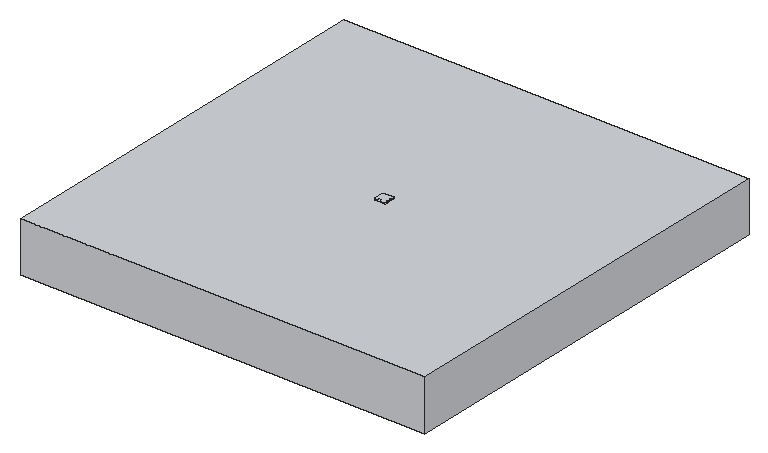
Revit family "Gira_003302", category Allgemeines Modell, Revit 2017
Family settings
  Basisbauteil = Fläche
  Kann Basisbauteil für Bewehrung sein = Nein
  Bemaßung runder Anschluss = Durchmesser verwenden
  Teiletyp = Normal
  Beim Laden mit Abzugskörper schneiden = Nein
  Gemeinsam genutzt = Nein
  Raumberechnungspunkt = Nein
Parameters
  With memory function = no
  With glass breaking detector connection = no
  With brightness sensor connection = no
  With Astro program = no
  Default Elevation = 1219.2 mm
  URL = "https://www.gira.de/"
  Typname = "TAE conn.box TAE 3 x 6 NFN Insert white"
  Type of fastening = "Screwing"
  Transparent = no
  Switch-off protection = no
  Surface protection = "Other"
  Surface finishing = "Not applicable"
  Suitable for wind sensor = no
  Suitable for rain sensor = no
  Suitable for degree of protection (IP) = "IP20"
  Substation input = yes
  Shielded housing = no
  Shielded buses = yes
  Separate strain relief = yes
  Random generator = no
  Productwebsite = "http://katalog.gira.de/en/datenblatt.html?artikelnr=003302"
  Nominal voltage [Volt] = 230
  Mounting method shielding connection = "Screw"
  Mounting method = "Flush mounted (plaster)"
  Mechanical coding = no
  Max. switching power [Voltampere] = 1000
  Material quality = "Other"
  Material = "Other"
  Integrated timer = no
  Hersteller = "Gira"
  Halogen free = no
  HAN = "003302"
  GTIN = "4010337034605"
  Degree of protection (IP) = "IP20"
  Data sheet = "https://katalog.gira.de/en/download.html?artikelnr=003302"
  Connection type = "Screw"
  Colour = "Other"
  Category = "Other"
  Beschreibung = "TAE conn.box TAE 3x6 NFN Ins. WH,Insert for TAE connection box,TAE 3 x 6 NFN,white,"
  BIM = "https://media.stage.bim.site/public/gira/290f3eb/Einsatz_1fach.rfa"
  Assembly arrangement = "Basic element"
Reference planes
  plane 1 "Center (Front/Back)": y = 0
  plane 2: z = 0
  plane 3 "Center (Left/Right)": x = 0
Forms (mm)
  Extrusion 1, solid
    sketch origin (0, 0, 0) x (1, 0, 0) y (0, 1, 0)
      loop
        line (-1219.2, 1219.2) -> (-1219.2, -1219.2) -> (1219.2, -1219.2) -> (1219.2, 1219.2) -> (-1219.2, 1219.2)
    from 0 to -304.8
  Extrusion 2, solid, detail levels fine
    sketch origin (0, 0, 0) x (1, 0, 0) y (0, 1, 0)
      loop
        line (27.475, 35.475) -> (-27.475, 35.475)
        arc (-27.475, 35.475) -> (-33.132, 33.132) -> (-35.475, 27.475) r 8
        line (-35.475, 27.475) -> (-35.475, -27.475)
        arc (-35.475, -27.475) -> (-33.132, -33.132) -> (-27.475, -35.475) r 8
        line (-27.475, -35.475) -> (27.475, -35.475)
        arc (27.475, -35.475) -> (33.132, -33.132) -> (35.475, -27.475) r 8
        line (35.475, -27.475) -> (35.475, 27.475)
        arc (35.475, 27.475) -> (33.132, 33.132) -> (27.475, 35.475) r 8
    from 0 to 1.8
  Extrusion 3, solid, detail levels fine
    sketch origin (0, 0, 0) x (1, 0, 0) y (0, 1, 0)
      loop
        line (9.678, 25.4) -> (-9.678, 25.4)
        arc (-9.678, 25.4) -> (-12.885, 24.922) -> (-15.814, 23.53) r 11
        arc (-15.814, 23.53) -> (-17.795, 22.07) -> (-19.641, 20.444) r 28.35
        arc (-19.641, 20.444) -> (-21.339, 18.665) -> (-22.876, 16.745) r 28.35
        arc (-22.876, 16.745) -> (-24.456, 13.666) -> (-25, 10.248) r 11
        line (-25, 10.248) -> (-25, -10.248)
        arc (-25, -10.248) -> (-24.456, -13.666) -> (-22.876, -16.745) r 11
        arc (-22.876, -16.745) -> (-20.409, -19.677) -> (-17.569, -22.25) r 28.35
        line (-17.569, -22.25) -> (17.569, -22.25)
        arc (17.569, -22.25) -> (20.409, -19.677) -> (22.876, -16.745) r 28.35
        arc (22.876, -16.745) -> (24.456, -13.666) -> (25, -10.248) r 11
        line (25, -10.248) -> (25, 10.248)
        arc (25, 10.248) -> (24.456, 13.666) -> (22.876, 16.745) r 11
        arc (22.876, 16.745) -> (21.593, 18.37) -> (20.195, 19.897) r 28.35
        arc (20.195, 19.897) -> (18.096, 21.823) -> (15.814, 23.53) r 28.35
        arc (15.814, 23.53) -> (12.885, 24.922) -> (9.678, 25.4) r 11
    from 0 to -22
  Extrusion 4, solid, detail levels medium
    sketch origin (0, 0, 0) x (1, 0, 0) y (0, 1, 0)
      loop
        line (-25, 25.4) -> (-25, -22.25) -> (25, -22.25) -> (25, 25.4) -> (-25, 25.4)
    from 0 to -22
  Extrusion 5, solid, detail levels coarse
    sketch origin (0, 0, 0) x (1, 0, 0) y (0, 1, 0)
      loop
        line (35.475, 35.475) -> (-35.475, 35.475) -> (-35.475, -35.475) -> (35.475, -35.475) -> (35.475, 35.475)
    from -22 to 1.8
  Extrusion 6, solid, detail levels medium
    sketch origin (0, 0, 0) x (1, 0, 0) y (0, 1, 0)
      loop
        line (35.475, 35.475) -> (-35.475, 35.475) -> (-35.475, -35.475) -> (35.475, -35.475) -> (35.475, 35.475)
    from 0 to 1.8
Dimensions and locks
  aligned and locked: plane 2 to Extrusion 1
  aligned and locked: level to Extrusion 1
Connectors
  electrical at (0, 0, -22)
    settings: on Extrusion 5, index 1, voltage 220 V, apparent load 0 VA, apparent load phase1 0 VA, apparent load phase2 0 VA, apparent load phase3 0 VA, power factor 1, load classification "Other", number of poles 1, system type 30, power factor state 1, is connector primary yes, connector utility no, sub classification motor no, connector description ""
